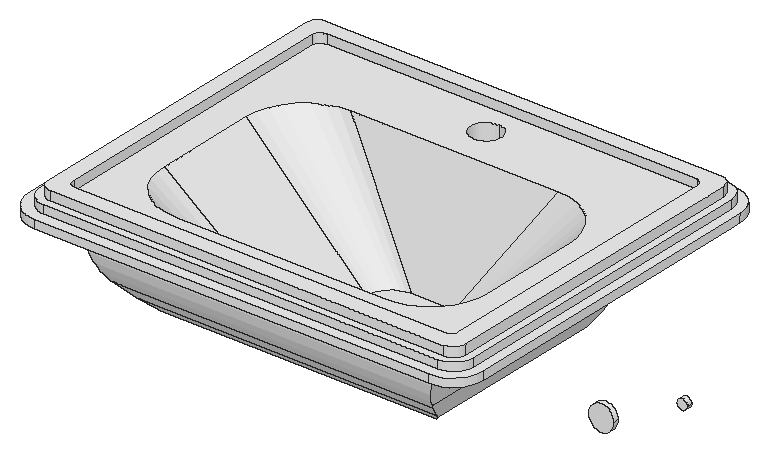
Revit family "Lavatory-Self-Rimming_ADA_LT531_TOTO", category Plumbing Fixtures, host Face, Revit 2013 (continued)
Definition of nested family "Lavatory-Self-Rimming_ADA_LT531_TotoUSA"
  Definition of nested family "2D-PlanDetails"
    Lines and regions (in)
      symbolic lines, style "PlumbingFixtures", detail levels fine
        curve 101: arc (-1.04719, 2.963, 0) -> (-1.93529, 2.59514, 0) -> (-2.30315, 1.70705, 0) r 1.25596
        curve 102: arc (-5.13337, 4.33536, 0) -> (-7.16926, 3.49206, 0) -> (-8.01256, 1.45617, 0) r 2.87919
        curve 103: arc (0, 7.0625, 0) -> (-0.75, 6.3125, 0) -> (0, 5.5625, 0) r 0.75
        curve 104: arc (0, 5.5625, 0) -> (0.75, 6.3125, 0) -> (0, 7.0625, 0) r 0.75
        curve 105: arc (-9.74427, 9.04379, 0) -> (-10.44025, 8.75551, 0) -> (-10.72854, 8.05952, 0) r 0.98427
        curve 106: arc (-10.72854, -7.88565, 0) -> (-10.44025, -8.58163, 0) -> (-9.74427, -8.86992, 0) r 0.98427
        curve 107: arc (9.74427, -8.86992, 0) -> (10.44025, -8.58163, 0) -> (10.72854, -7.88565, 0) r 0.98427
        curve 108: arc (10.72854, 8.05952, 0) -> (10.44025, 8.75551, 0) -> (9.74427, 9.04379, 0) r 0.98427
        curve 109: arc (-9.15371, 7.86267, 0) -> (-9.4321, 7.74735, 0) -> (-9.54742, 7.46896, 0) r 0.39371
        curve 110: arc (9.54742, 7.46896, 0) -> (9.4321, 7.74735, 0) -> (9.15371, 7.86267, 0) r 0.39371
        curve 111: arc (9.15371, -7.68879, 0) -> (9.4321, -7.57348, 0) -> (9.54742, -7.29508, 0) r 0.39371
        curve 112: arc (-9.54742, -7.29508, 0) -> (-9.4321, -7.57348, 0) -> (-9.15371, -7.68879, 0) r 0.39371
        curve 113: arc (-9.74427, 8.65008, 0) -> (-10.16186, 8.47711, 0) -> (-10.33483, 8.05952, 0) r 0.59056
        curve 114: arc (-10.33483, -7.88565, 0) -> (-10.16186, -8.30324, 0) -> (-9.74427, -8.47621, 0) r 0.59056
        curve 115: arc (9.74427, -8.47621, 0) -> (10.16186, -8.30324, 0) -> (10.33483, -7.88565, 0) r 0.59056
        curve 116: arc (10.33483, 8.05952, 0) -> (10.16186, 8.47711, 0) -> (9.74427, 8.65008, 0) r 0.59056
        curve 117: arc (-11.25, -7.9375, 0) -> (-10.81066, -8.99816, 0) -> (-9.75, -9.4375, 0) r 1.5
        curve 118: arc (9.75, -9.4375, 0) -> (10.81066, -8.99816, 0) -> (11.25, -7.9375, 0) r 1.5
        curve 119: arc (11.25, 7.9375, 0) -> (10.81066, 8.99816, 0) -> (9.75, 9.4375, 0) r 1.5
        curve 120: arc (-9.75, 9.4375, 0) -> (-10.81066, 8.99816, 0) -> (-11.25, 7.9375, 0) r 1.5
        curve 121: arc (-9.74427, 9.04379, 0) -> (-10.44025, 8.75551, 0) -> (-10.72854, 8.05952, 0) r 0.98427
        curve 122: arc (-10.72854, -7.88565, 0) -> (-10.44025, -8.58163, 0) -> (-9.74427, -8.86992, 0) r 0.98427
        curve 123: arc (9.74427, -8.86992, 0) -> (10.44025, -8.58163, 0) -> (10.72854, -7.88565, 0) r 0.98427
        curve 124: arc (10.72854, 8.05952, 0) -> (10.44025, 8.75551, 0) -> (9.74427, 9.04379, 0) r 0.98427
        curve 125: line (9.75, -9.4375, 0) -> (-9.75, -9.4375, 0)
        curve 126: line (-9.75, -9.4375, 0) -> (9.75, -9.4375, 0)
        curve 127: line (11.25, 7.9375, 0) -> (11.25, -7.9375, 0)
        curve 128: line (11.25, -7.9375, 0) -> (11.25, 7.9375, 0)
        curve 129: line (-9.75, 9.4375, 0) -> (9.75, 9.4375, 0)
        curve 130: line (9.75, 9.4375, 0) -> (-9.75, 9.4375, 0)
        curve 131: line (-11.25, -7.9375, 0) -> (-11.25, 7.9375, 0)
        curve 132: line (-11.25, 7.9375, 0) -> (-11.25, -7.9375, 0)
        curve 133: line (1.04719, 2.963, 0) -> (-1.04719, 2.963, 0)
        curve 134: line (5.13337, 4.33536, 0) -> (-5.13337, 4.33536, 0)
        curve 135: line (2.30315, -2.32061, 0) -> (2.30315, 1.70705, 0)
        curve 136: line (8.01256, -3.59281, 0) -> (8.01256, 1.45617, 0)
        curve 137: line (-1.04719, -3.57657, 0) -> (1.04719, -3.57657, 0)
        curve 138: line (-5.13337, -6.472, 0) -> (5.13337, -6.472, 0)
        curve 139: line (-0.3125, -5.87677, 0) -> (-0.30342, -5.84096, 0)
        curve 140: line (-0.30342, -5.84096, 0) -> (-0.27671, -5.80722, 0)
        curve 141: line (-0.27671, -5.80722, 0) -> (-0.23391, -5.77753, 0)
        curve 142: line (-0.23391, -5.77753, 0) -> (-0.17752, -5.75361, 0)
        curve 143: line (-0.17752, -5.75361, 0) -> (-0.11081, -5.73684, 0)
        curve 144: line (-0.11081, -5.73684, 0) -> (-0.03767, -5.72821, 0)
        curve 145: line (-0.03767, -5.72821, 0) -> (0.03767, -5.72821, 0)
        curve 146: line (0.03767, -5.72821, 0) -> (0.11081, -5.73684, 0)
        curve 147: line (0.11081, -5.73684, 0) -> (0.17752, -5.75361, 0)
        curve 148: line (0.17752, -5.75361, 0) -> (0.23391, -5.77753, 0)
        curve 149: line (0.23391, -5.77753, 0) -> (0.27671, -5.80722, 0)
        curve 150: line (0.27671, -5.80722, 0) -> (0.30342, -5.84096, 0)
        curve 151: line (0.30342, -5.84096, 0) -> (0.3125, -5.87677, 0)
        curve 152: line (0.3125, -5.87677, 0) -> (0.30342, -5.91259, 0)
        curve 153: line (0.30342, -5.91259, 0) -> (0.27671, -5.94632, 0)
        curve 154: line (0.27671, -5.94632, 0) -> (0.23391, -5.97601, 0)
        curve 155: line (0.23391, -5.97601, 0) -> (0.17752, -5.99994, 0)
        curve 156: line (0.17752, -5.99994, 0) -> (0.11081, -6.0167, 0)
        curve 157: line (0.11081, -6.0167, 0) -> (0.03767, -6.02534, 0)
        curve 158: line (0.03767, -6.02534, 0) -> (-0.03767, -6.02534, 0)
        curve 159: line (-0.03767, -6.02534, 0) -> (-0.11081, -6.0167, 0)
        curve 160: line (-0.11081, -6.0167, 0) -> (-0.17752, -5.99994, 0)
        curve 161: line (-0.17752, -5.99994, 0) -> (-0.23391, -5.97601, 0)
        curve 162: line (-0.23391, -5.97601, 0) -> (-0.27671, -5.94632, 0)
        curve 163: line (-0.27671, -5.94632, 0) -> (-0.30342, -5.91259, 0)
        curve 164: line (-0.30342, -5.91259, 0) -> (-0.3125, -5.87677, 0)
        curve 165: line (0.78986, -5.87677, 0) -> (0.79894, -5.84096, 0)
        curve 166: line (0.79894, -5.84096, 0) -> (0.82566, -5.80722, 0)
        curve 167: line (0.82566, -5.80722, 0) -> (0.86845, -5.77753, 0)
        curve 168: line (0.86845, -5.77753, 0) -> (0.92484, -5.75361, 0)
        curve 169: line (0.92484, -5.75361, 0) -> (0.99155, -5.73684, 0)
        curve 170: line (0.99155, -5.73684, 0) -> (1.06469, -5.72821, 0)
        curve 171: line (1.06469, -5.72821, 0) -> (1.14003, -5.72821, 0)
        curve 172: line (1.14003, -5.72821, 0) -> (1.21318, -5.73684, 0)
        curve 173: line (1.21318, -5.73684, 0) -> (1.27988, -5.75361, 0)
        curve 174: line (1.27988, -5.75361, 0) -> (1.33627, -5.77753, 0)
        curve 175: line (1.33627, -5.77753, 0) -> (1.37907, -5.80722, 0)
        curve 176: line (1.37907, -5.80722, 0) -> (1.40578, -5.84096, 0)
        curve 177: line (1.40578, -5.84096, 0) -> (1.41486, -5.87677, 0)
        curve 178: line (1.41486, -5.87677, 0) -> (1.40578, -5.91259, 0)
        curve 179: line (1.40578, -5.91259, 0) -> (1.37907, -5.94632, 0)
        curve 180: line (1.37907, -5.94632, 0) -> (1.33627, -5.97601, 0)
        curve 181: line (1.33627, -5.97601, 0) -> (1.27988, -5.99994, 0)
        curve 182: line (1.27988, -5.99994, 0) -> (1.21318, -6.0167, 0)
        curve 183: line (1.21318, -6.0167, 0) -> (1.14003, -6.02534, 0)
        curve 184: line (1.14003, -6.02534, 0) -> (1.06469, -6.02534, 0)
        curve 185: line (1.06469, -6.02534, 0) -> (0.99155, -6.0167, 0)
        curve 186: line (0.99155, -6.0167, 0) -> (0.92484, -5.99994, 0)
        curve 187: line (0.92484, -5.99994, 0) -> (0.86845, -5.97601, 0)
        curve 188: line (0.86845, -5.97601, 0) -> (0.82566, -5.94632, 0)
        curve 189: line (0.82566, -5.94632, 0) -> (0.79894, -5.91259, 0)
        curve 190: line (0.79894, -5.91259, 0) -> (0.78986, -5.87677, 0)
        curve 191: line (-1.41486, -5.87677, 0) -> (-1.40578, -5.84096, 0)
        curve 192: line (-1.40578, -5.84096, 0) -> (-1.37907, -5.80722, 0)
        curve 193: line (-1.37907, -5.80722, 0) -> (-1.33627, -5.77753, 0)
        curve 194: line (-1.33627, -5.77753, 0) -> (-1.27988, -5.75361, 0)
        curve 195: line (-1.27988, -5.75361, 0) -> (-1.21318, -5.73684, 0)
        curve 196: line (-1.21318, -5.73684, 0) -> (-1.14003, -5.72821, 0)
        curve 197: line (-1.14003, -5.72821, 0) -> (-1.06469, -5.72821, 0)
        curve 198: line (-1.06469, -5.72821, 0) -> (-0.99155, -5.73684, 0)
        curve 199: line (-0.99155, -5.73684, 0) -> (-0.92484, -5.75361, 0)
        curve 200: line (-0.92484, -5.75361, 0) -> (-0.86845, -5.77753, 0)
        curve 201: line (-0.86845, -5.77753, 0) -> (-0.82566, -5.80722, 0)
        curve 202: line (-0.82566, -5.80722, 0) -> (-0.79894, -5.84096, 0)
        curve 203: line (-0.79894, -5.84096, 0) -> (-0.78986, -5.87677, 0)
        curve 204: line (-0.78986, -5.87677, 0) -> (-0.79894, -5.91259, 0)
        curve 205: line (-0.79894, -5.91259, 0) -> (-0.82566, -5.94632, 0)
        curve 206: line (-0.82566, -5.94632, 0) -> (-0.86845, -5.97601, 0)
        curve 207: line (-0.86845, -5.97601, 0) -> (-0.92484, -5.99994, 0)
        curve 208: line (-0.92484, -5.99994, 0) -> (-0.99155, -6.0167, 0)
        curve 209: line (-0.99155, -6.0167, 0) -> (-1.06469, -6.02534, 0)
        curve 210: line (-1.06469, -6.02534, 0) -> (-1.14003, -6.02534, 0)
        curve 211: line (-1.14003, -6.02534, 0) -> (-1.21318, -6.0167, 0)
        curve 212: line (-1.21318, -6.0167, 0) -> (-1.27988, -5.99994, 0)
        curve 213: line (-1.27988, -5.99994, 0) -> (-1.33627, -5.97601, 0)
        curve 214: line (-1.33627, -5.97601, 0) -> (-1.37907, -5.94632, 0)
        curve 215: line (-1.37907, -5.94632, 0) -> (-1.40578, -5.91259, 0)
        curve 216: line (-1.40578, -5.91259, 0) -> (-1.41486, -5.87677, 0)
        curve 217: line (-2.30315, 1.70705, 0) -> (-2.30315, -2.32061, 0)
        curve 218: line (-8.01256, 1.45617, 0) -> (-8.01256, -3.59281, 0)
        curve 219: line (-10.72854, -7.88565, 0) -> (-10.72854, 8.05952, 0)
        curve 220: line (-10.72854, 8.05952, 0) -> (-10.72854, -7.88565, 0)
        curve 221: line (9.74427, -8.86992, 0) -> (-9.74427, -8.86992, 0)
        curve 222: line (-9.74427, -8.86992, 0) -> (9.74427, -8.86992, 0)
        curve 223: line (10.72854, 8.05952, 0) -> (10.72854, -7.88565, 0)
        curve 224: line (10.72854, -7.88565, 0) -> (10.72854, 8.05952, 0)
        curve 225: line (-9.74427, 9.04379, 0) -> (9.74427, 9.04379, 0)
        curve 226: line (9.74427, 9.04379, 0) -> (-9.74427, 9.04379, 0)
        curve 227: line (-9.54742, 7.46896, 0) -> (-9.54742, -7.29508, 0)
        curve 228: line (9.15371, 7.86267, 0) -> (-9.15371, 7.86267, 0)
        curve 229: line (9.54742, -7.29508, 0) -> (9.54742, 7.46896, 0)
        curve 230: line (-9.15371, -7.68879, 0) -> (9.15371, -7.68879, 0)
        curve 231: line (-10.33483, 8.05952, 0) -> (-10.33483, -7.88565, 0)
        curve 232: line (-9.74427, -8.47621, 0) -> (9.74427, -8.47621, 0)
        curve 233: line (10.33483, -7.88565, 0) -> (10.33483, 8.05952, 0)
        curve 234: line (9.74427, 8.65008, 0) -> (-9.74427, 8.65008, 0)
      symbolic lines
        curve 235: arc (-0.625, 0, -7.75) -> (0, 0, -8.375) -> (0.625, 0, -7.75) r 0.625
        curve 236: arc (0.625, 0, -7.75) -> (0, 0, -7.125) -> (-0.625, 0, -7.75) r 0.625
        curve 237: arc (3.75, 0, -5.75) -> (4, 0, -6) -> (4.25, 0, -5.75) r 0.25
        curve 238: arc (4.25, 0, -5.75) -> (4, 0, -5.5) -> (3.75, 0, -5.75) r 0.25
        curve 239: arc (-4.25, 0, -5.75) -> (-4, 0, -6) -> (-3.75, 0, -5.75) r 0.25
        curve 240: arc (-3.75, 0, -5.75) -> (-4, 0, -5.5) -> (-4.25, 0, -5.75) r 0.25
        curve 312: line (0, 13.6875, -5.5) -> (0, 13.4375, -5.5)
        curve 313: line (0, 13.6875, -6) -> (0, 13.6875, -5.5)
        curve 314: line (0, 13.4375, -6) -> (0, 13.6875, -6)
        curve 315: line (0, 13.4375, -5.5) -> (0, 13.4375, -6)
        curve 316: line (0, 13.4375, -7.125) -> (0, 13.6875, -7.125)
        curve 317: line (0, 13.4375, -8.375) -> (0, 13.4375, -7.125)
        curve 318: line (0, 13.6875, -8.375) -> (0, 13.4375, -8.375)
        curve 319: line (0, 13.6875, -7.125) -> (0, 13.6875, -8.375)
      symbolic lines, detail levels coarse
        curve 241: line (8.79938, 0, 0) -> (-8.80363, 0, 0)
        curve 242: line (-8.80363, 0, 0) -> (-8.80363, 0, 7.25)
        curve 243: line (8.79938, 0, 7.25) -> (8.79938, 0, 0)
        curve 244: line (11.25, 0, 7.25) -> (-11.25, 0, 7.25)
        curve 245: line (-11.25, 0, 7.25) -> (-11.25, 0, 8.5)
        curve 246: line (-11.25, 0, 8.5) -> (11.25, 0, 8.5)
        curve 247: line (11.25, 0, 8.5) -> (11.25, 0, 7.25)
        curve 305: line (0, 9.4375, 8.5) -> (0, -9.4375, 8.5)
        curve 306: line (0, 9.4375, 7.25) -> (0, 9.4375, 8.5)
        curve 307: line (0, -9.4375, 7.25) -> (0, 9.4375, 7.25)
        curve 308: line (0, -9.4375, 8.5) -> (0, -9.4375, 7.25)
        curve 309: line (0, -7.78764, 7.25) -> (0, -7.78764, 0)
        curve 310: line (0, -7.78764, 0) -> (0, 4.52399, 0)
        curve 311: line (0, 4.52399, 0) -> (0, 4.52399, 7.25)
      symbolic lines, style "PlumbingFixtures", detail levels medium+fine
        curve 248: line (-6.88562, 0, 2.88384) -> (-6.95846, 0, 2.96)
        curve 249: line (-7.67491, 0, 3.91166) -> (-7.70522, 0, 3.96318)
        curve 250: line (-6.09517, 0, 2.21276) -> (-6.19001, 0, 2.28053)
        curve 251: line (-5.6558, 0, 1.93575) -> (-5.70418, 0, 1.9635)
        curve 252: line (-7.35984, 0, 3.43962) -> (-5.6558, 0, 1.93575)
        curve 253: line (-8.0098, 0, 4.57106) -> (-7.93957, 0, 4.41313)
        curve 254: line (7.69995, 0, 3.97792) -> (7.65502, 0, 3.90112)
        curve 255: line (6.93546, 0, 2.95938) -> (6.86234, 0, 2.88384)
        curve 256: line (7.9285, 0, 4.41313) -> (8.01021, 0, 4.5957)
        curve 257: line (5.61504, 0, 1.93672) -> (7.34203, 0, 3.43962)
        curve 258: line (5.66296, 0, 1.96332) -> (5.61504, 0, 1.93672)
        curve 259: line (6.15716, 0, 2.28033) -> (6.06118, 0, 2.21421)
        curve 260: line (8.62071, 0, 6.4132) -> (8.60301, 0, 6.34345)
        curve 261: line (8.01021, 0, 4.5957) -> (8.62071, 0, 6.4132)
        curve 262: line (-8.60692, 0, 6.33491) -> (-8.62492, 0, 6.40806)
        curve 263: line (-8.62492, 0, 6.40806) -> (-8.0098, 0, 4.57106)
        curve 264: line (1.30506, 0, 0.00007) -> (1.85348, 0, 0.56443)
        curve 265: line (10.33483, 0, 8.05) -> (10.33483, 0, 8.5)
        curve 266: line (10.33483, 0, 8.5) -> (-10.33483, 0, 8.5)
        curve 267: line (-10.33483, 0, 8.5) -> (-10.33483, 0, 8.05)
        curve 268: line (-5.65584, 0, 1.93579) -> (-5.47826, 0, 1.83945)
        curve 269: line (-5.47826, 0, 1.83945) -> (-5.29727, 0, 1.74967)
        curve 270: line (-5.29727, 0, 1.74967) -> (-4.19669, 0, 1.29305)
        curve 271: line (-4.19669, 0, 1.29305) -> (-3.05684, 0, 0.94592)
        curve 272: line (-3.05684, 0, 0.94592) -> (-1.88856, 0, 0.71159)
        curve 273: line (-1.88856, 0, 0.71159) -> (-1.74138, 0, 0.56443)
        curve 274: line (-7.93957, 0, 4.41313) -> (-7.67491, 0, 3.91166)
        curve 275: line (-7.67479, 0, 3.91144) -> (-7.35984, 0, 3.43962)
        curve 276: line (1.30506, 0, 0.00007) -> (-1.17694, 0, 0.00007)
        curve 277: line (-1.17694, 0, 0.00007) -> (-1.38565, 0, 0.20876)
        curve 278: line (-1.38565, 0, 0.20876) -> (-1.57563, 0, 0.39871)
        curve 279: line (-1.57563, 0, 0.39871) -> (-1.74138, 0, 0.56443)
        curve 280: line (-1.74138, 0, 0.56443) -> (1.85348, 0, 0.56443)
        curve 281: line (1.85348, 0, 0.56443) -> (1.95864, 0, 0.66354)
        curve 282: line (1.95864, 0, 0.66354) -> (2.06515, 0, 0.7612)
        curve 283: line (2.06515, 0, 0.7612) -> (3.17231, 0, 0.99791)
        curve 284: line (3.17231, 0, 0.99791) -> (4.25278, 0, 1.33617)
        curve 285: line (4.25278, 0, 1.33617) -> (5.29726, 0, 1.77308)
        curve 286: line (5.29726, 0, 1.77308) -> (5.45693, 0, 1.85188)
        curve 287: line (5.45693, 0, 1.85188) -> (5.61396, 0, 1.93579)
        curve 288: line (7.34203, 0, 3.43962) -> (7.66041, 0, 3.91123)
        curve 289: line (7.65502, 0, 3.90112) -> (7.9285, 0, 4.41313)
        curve 290: line (-8.80359, 0, 7.25) -> (-8.72244, 0, 6.83004)
        curve 291: line (-8.72244, 0, 6.83004) -> (-8.62663, 0, 6.41317)
        curve 292: line (-8.62663, 0, 6.41317) -> (8.6207, 0, 6.41317)
        curve 293: line (8.6207, 0, 6.41317) -> (8.71738, 0, 6.83002)
        curve 294: line (8.71738, 0, 6.83002) -> (8.79939, 0, 7.25)
        curve 295: line (-11.25, 0, 7.25) -> (11.25, 0, 7.25)
        curve 296: line (11.25, 0, 7.25) -> (11.25, 0, 7.65)
        curve 297: line (11.25, 0, 7.65) -> (-11.25, 0, 7.65)
        curve 298: line (-11.25, 0, 7.65) -> (-11.25, 0, 7.25)
        curve 299: line (10.72854, 0, 7.65) -> (10.72854, 0, 8.05)
        curve 300: line (10.72854, 0, 8.05) -> (-10.72854, 0, 8.05)
        curve 301: line (-10.72854, 0, 8.05) -> (-10.72854, 0, 7.65)
        curve 320: line (0, -5.95666, 3.43962) -> (0, -3.72782, 1.93579)
        curve 321: line (0, -7.02016, 4.5711) -> (0, -6.88007, 4.41313)
        curve 322: line (0, 3.85046, 2.88384) -> (0, 3.96493, 3.39812)
        curve 323: line (0, 3.96493, 3.39812) -> (0, 4.07966, 3.9632)
        curve 324: line (0, 4.07966, 3.9632) -> (0, 4.19034, 4.5711)
        curve 325: line (0, 3.27599, 2.05101) -> (0, 3.85046, 2.88384)
        curve 326: line (0, 3.18898, 1.9635) -> (0, 3.27599, 2.05101)
        curve 327: line (0, 3.1478, 1.87295) -> (0, 3.18898, 1.9635)
        curve 328: line (0, -7.7401, 6.41317) -> (0, -7.02016, 4.5711)
        curve 329: line (0, 4.19034, 4.5711) -> (0, 4.52397, 7.25)
        curve 330: line (0, 9.4375, 7.25) -> (0, 4.52397, 7.25)
        curve 331: line (0, 4.52397, 7.25) -> (0, -9.4375, 7.25)
        curve 332: line (0, -9.4375, 7.25) -> (0, -9.4375, 7.65)
        curve 333: line (0, -9.4375, 7.25) -> (0, -9.4375, 7.65)
        curve 334: line (0, -9.4375, 7.65) -> (0, 9.4375, 7.65)
        curve 335: line (0, 9.4375, 7.65) -> (0, 9.4375, 7.25)
        curve 336: line (0, 9.4375, 7.25) -> (0, 9.4375, 7.65)
        curve 337: line (0, 9.04379, 8.05) -> (0, 9.04379, 7.65)
        curve 338: line (0, 9.04379, 7.65) -> (0, 9.04379, 8.05)
        curve 339: line (0, 9.04379, 8.05) -> (0, -8.86992, 8.05)
        curve 340: line (0, -8.86992, 8.05) -> (0, -8.86992, 7.65)
        curve 341: line (0, -8.86992, 7.65) -> (0, -8.86992, 8.05)
        curve 342: line (0, -8.47621, 8.05) -> (0, -8.47621, 8.5)
        curve 343: line (0, -8.47621, 8.5) -> (0, 8.65008, 8.5)
        curve 344: line (0, 8.65008, 8.5) -> (0, 8.65008, 8.05)
        curve 345: line (0, -6.88007, 4.41313) -> (0, -6.4042, 3.91144)
        curve 346: line (0, -6.4042, 3.91144) -> (0, -5.95666, 3.43962)
        curve 347: line (0, -0.6244, 0.71162) -> (0, 2.8286, 0.71162)
        curve 348: line (0, 2.8286, 0.71162) -> (0, 2.93689, 1.10559)
        curve 349: line (0, 2.93689, 1.10559) -> (0, 3.11393, 1.7497)
        curve 350: line (0, 3.11393, 1.7497) -> (0, 3.13045, 1.80981)
        curve 351: line (0, 3.13045, 1.80981) -> (0, 3.1478, 1.87295)
        curve 352: line (0, -3.72782, 1.93579) -> (0, -3.48362, 1.83946)
        curve 353: line (0, -3.48362, 1.83946) -> (0, -3.25607, 1.7497)
        curve 354: line (0, -3.25607, 1.7497) -> (0, -2.09847, 1.29308)
        curve 355: line (0, -2.09847, 1.29308) -> (0, -1.21845, 0.94595)
        curve 356: line (0, -1.21845, 0.94595) -> (0, -0.6244, 0.71162)
        curve 357: line (0, -0.6244, 0.71162) -> (0, -0.25125, 0.56443)
        curve 358: line (0, -0.25125, 0.56443) -> (0, -0.0942, 0.39869)
        curve 359: line (0, -0.0942, 0.39869) -> (0, 0.03245, 0.20871)
        curve 360: line (0, 0.03245, 0.20871) -> (0, 0.12504, 0)
        curve 361: line (0, 0.12504, 0) -> (0, 2.63301, 0)
        curve 362: line (0, 2.63301, 0) -> (0, 2.8286, 0.71162)
        curve 363: line (0, -7.78668, 7.23315) -> (0, -7.76378, 6.83004)
        curve 364: line (0, -7.76378, 6.83004) -> (0, -7.7401, 6.41317)
      symbolic lines, detail levels fine
        curve 302: circle (-1.10236, 0, 6.80709) r 0.31022 normal (0, -1, 0)
        curve 303: circle (0, 0, 6.80709) r 0.31022 normal (0, -1, 0)
        curve 304: circle (1.10236, 0, 6.80709) r 0.31022 normal (0, -1, 0)
    Dimensions and locks (in)
      equal spacing: plane 5, plane 1 "Center (Front/Back)", plane 6
      "Depth": plane 6 to plane 5
      equal spacing: plane 4, plane 3 "Center (Left/Right)", plane 7
      "Width": plane 4 to plane 7
      "Height": plane 8 to level
      aligned and locked: level to plane 2
    Automatic sketch dimensions
      plane 4 to curve 8 = 1.70258"
      curve 5 to curve 33 = 0.39371"
      curve 8 to curve 35 = 0.39371"
      plane 4 to curve 11 = 3.23744"
      curve 39 to curve 1 = 0.75545"
      curve 25 to curve 40 = 2.12373"
      curve 38 to plane 6 = 2.9655"
      curve 25 to curve 38 = 2.12373"
      curve 40 to curve 24 = 0.54067"
      curve 38 to curve 2 = 0.54067"
      curve 14 to plane 3 "Center (Left/Right)" = 4 1/4"
      curve 14 to curve 13 = 1/2"
      curve 20 to plane 3 "Center (Left/Right)" = 5/8"
      plane 3 "Center (Left/Right)" to curve 21 = 5/8"
      curve 20 to curve 16 = 3 1/8"
      curve 18 to curve 18 = 1/2"
      plane 3 "Center (Left/Right)" to curve 3 = 4.5927"
      plane 3 "Center (Left/Right)" to curve 4 = 4.5927"
      curve 3 to curve 10 = 0.54067"
      curve 24 to curve 9 = 0.54067"
      curve 10 to curve 3 = 2.12373"
      curve 27 to curve 10 = 0.75545"
      plane 7 to curve 33 = 2.09629"
      plane 7 to curve 35 = 2.09629"
      curve 6 to curve 6 = 0.39371"
      curve 8 to plane 6 = 1.74871"
      curve 38 to curve 26 = 0.38312"
      curve 9 to plane 1 "Center (Front/Back)" = 1.45617"
      curve 39 to curve 1 = 0.0332"
      curve 34 to plane 5 = 1.96854"
      plane 5 to curve 16 = 4"
      curve 20 to curve 16 = 0"
      curve 13 to curve 20 = 0"
      curve 16 to curve 18 = 1/4"
      curve 12 to curve 14 = 1/4"
      curve 20 to curve 23 = 1/4"
      plane 6 to curve 28 = 0"
      curve 28 to plane 5 = 0"
      curve 31 to plane 4 = 0"
      curve 31 to plane 7 = 0"
      curve 49 to curve 61 = 0"
      curve 50 to curve 62 = 0"  (x2)
      curve 83 to plane 5 = 0"
      plane 4 to curve 85 = 0.52146"
      curve 61 to curve 49 = 0.39371"
      curve 28 to curve 81 = 1 1/2"
      curve 49 to curve 83 = 0.58483"
      curve 83 to curve 88 = 0.00573"
      curve 57 to curve 50 = 0.00573"
      curve 1 to curve 47 = 2.28955"
      curve 45 to plane 3 "Center (Left/Right)" = 1.04719"
      curve 47 to plane 3 "Center (Left/Right)" = 1.04719"
      plane 3 "Center (Left/Right)" to curve 43 = 1.04719"
      plane 3 "Center (Left/Right)" to curve 65 = 1.04719"
      curve 41 to curve 41 = 1.25596"
      curve 64 to plane 5 = 0.39371"
      curve 33 to curve 64 = 0.59056"
      curve 7 to curve 51 = 0.59056"
      curve 88 to curve 83 = 0.00573"
      curve 63 to curve 58 = 0.00573"
      curve 58 to curve 75 = 0.58483"
      curve 63 to plane 6 = 0.56758"
      curve 69 to curve 2 = 0.15209"
      curve 47 to plane 1 "Center (Front/Back)" = 1 181/256"
      curve 59 to plane 7 = 0"
      curve 51 to curve 63 = 0"  (x2)
      plane 6 to curve 81 = 0"
      curve 84 to plane 4 = 0"
      curve 216 to plane 3 "Center (Left/Right)" = 1.41486"
      curve 191 to curve 215 = 0.00908"
      curve 191 to curve 192 = 0.00908"
      curve 215 to curve 214 = 0.02671"
      curve 191 to curve 193 = 0.02671"
      curve 192 to curve 193 = 0.0428"
      curve 214 to curve 214 = 0.0428"
      curve 213 to curve 212 = 0.05639"
      curve 193 to curve 195 = 0.05639"
      curve 212 to curve 212 = 0.06671"
      curve 194 to curve 195 = 0.06671"
      curve 211 to curve 210 = 0.07315"
      curve 195 to curve 196 = 0.07315"
      curve 196 to curve 197 = 0.07534"
      curve 210 to curve 210 = 0.07534"
      curve 197 to curve 198 = 0.07315"
      curve 209 to curve 209 = 0.07315"
      curve 198 to curve 199 = 0.06671"
      curve 208 to curve 207 = 0.06671"
      curve 207 to curve 206 = 0.05639"
      curve 199 to curve 200 = 0.05639"
      curve 206 to curve 205 = 0.0428"
      curve 200 to curve 202 = 0.0428"
      curve 201 to curve 202 = 0.02671"
      curve 205 to curve 205 = 0.02671"
      curve 202 to curve 204 = 0.00908"
      curve 47 to curve 94 = 0.29719"
      curve 164 to plane 3 "Center (Left/Right)" = 5/16"
      curve 139 to curve 164 = 0.00908"
      curve 139 to curve 140 = 0.00908"
      curve 139 to curve 141 = 0.02671"
      curve 163 to curve 162 = 0.02671"
      curve 140 to curve 141 = 0.0428"
      curve 162 to curve 161 = 0.0428"
      curve 141 to curve 142 = 0.05639"
      curve 161 to curve 161 = 0.05639"
      curve 160 to curve 160 = 0.06671"
      curve 142 to curve 143 = 0.06671"
      curve 158 to plane 3 "Center (Left/Right)" = 0.03767"
      curve 145 to plane 3 "Center (Left/Right)" = 0.03767"
      plane 3 "Center (Left/Right)" to curve 145 = 0.03767"
      plane 3 "Center (Left/Right)" to curve 158 = 0.03767"
      curve 145 to curve 146 = 0.07315"
      curve 157 to curve 156 = 0.07315"
      curve 146 to curve 147 = 0.06671"
      curve 156 to curve 155 = 0.06671"
      curve 147 to curve 148 = 0.05639"
      curve 155 to curve 154 = 0.05639"
      curve 154 to curve 154 = 0.0428"
      curve 148 to curve 150 = 0.0428"
      curve 153 to curve 153 = 0.02671"
      curve 149 to curve 150 = 0.02671"
      curve 152 to curve 152 = 0.00908"
      curve 151 to curve 165 = 0.47736"
      curve 165 to curve 189 = 0.00908"
      curve 165 to curve 165 = 0.00908"
      curve 189 to curve 188 = 0.02671"
      curve 165 to curve 166 = 0.02671"
      curve 166 to curve 167 = 0.0428"
      curve 188 to curve 188 = 0.0428"
      curve 187 to curve 186 = 0.05639"
      curve 167 to curve 169 = 0.05639"
      curve 186 to curve 186 = 0.06671"
      curve 168 to curve 170 = 0.06671"
      curve 169 to curve 170 = 0.07315"
      curve 185 to curve 185 = 0.07315"
      curve 170 to curve 172 = 0.07534"
      curve 184 to curve 183 = 0.07534"
      curve 183 to curve 183 = 0.07315"
      curve 171 to curve 173 = 0.07315"
      curve 182 to curve 182 = 0.06671"
      curve 172 to curve 174 = 0.06671"
      curve 173 to curve 175 = 0.05639"
      curve 181 to curve 180 = 0.05639"
      curve 180 to curve 180 = 0.0428"
      curve 174 to curve 175 = 0.0428"
      curve 175 to curve 176 = 0.02671"
      curve 179 to curve 178 = 0.02671"
      curve 176 to curve 177 = 0.00908"
      curve 209 to curve 69 = 2.44877"
      curve 209 to curve 183 = 0"
      curve 157 to curve 184 = 0"
      curve 209 to curve 209 = 0.00863"
      curve 184 to curve 185 = 0.00863"
      curve 183 to curve 183 = 0.00863"
      curve 158 to curve 160 = 0.00863"
      curve 210 to curve 212 = 0.00863"
      curve 157 to curve 157 = 0.00863"
      curve 156 to curve 156 = 0.01677"
      curve 208 to curve 208 = 0.01677"
      curve 211 to curve 212 = 0.01677"
      curve 182 to curve 181 = 0.01677"
      curve 159 to curve 160 = 0.01677"
      curve 185 to curve 187 = 0.01677"
      curve 186 to curve 187 = 0.02392"
      curve 160 to curve 162 = 0.02392"
      curve 181 to curve 181 = 0.02392"
      curve 155 to curve 155 = 0.02392"
      curve 207 to curve 206 = 0.02392"
      curve 212 to curve 214 = 0.02392"
      curve 154 to curve 154 = 0.02969"
      curve 180 to curve 179 = 0.02969"
      curve 213 to curve 215 = 0.02969"
      curve 187 to curve 189 = 0.02969"
      curve 161 to curve 163 = 0.02969"
      curve 206 to curve 206 = 0.02969"
      curve 179 to curve 178 = 0.03373"
      curve 153 to curve 152 = 0.03373"
      curve 188 to curve 190 = 0.03373"
      curve 162 to curve 164 = 0.03373"
      curve 205 to curve 204 = 0.03373"
      curve 214 to curve 215 = 0.03373"
      curve 215 to curve 216 = 0.03581"
      curve 163 to curve 139 = 0.03581"
      curve 178 to curve 178 = 0.03581"
      curve 152 to curve 152 = 0.03581"
      curve 189 to curve 165 = 0.03581"
      curve 204 to curve 204 = 0.03581"
      curve 203 to curve 203 = 0.03581"
      curve 177 to curve 176 = 0.03581"
      curve 191 to curve 191 = 0.03581"
      curve 165 to curve 165 = 0.03581"
      curve 139 to curve 139 = 0.03581"
      curve 151 to curve 150 = 0.03581"
      curve 202 to curve 201 = 0.03373"
      curve 139 to curve 140 = 0.03373"
      curve 165 to curve 166 = 0.03373"
      curve 191 to curve 192 = 0.03373"
      curve 150 to curve 150 = 0.03373"
      curve 176 to curve 175 = 0.03373"
      curve 175 to curve 174 = 0.02969"
      curve 201 to curve 201 = 0.02969"
      curve 149 to curve 149 = 0.02969"
      curve 140 to curve 142 = 0.02969"
      curve 192 to curve 194 = 0.02969"
      curve 166 to curve 167 = 0.02969"
      curve 141 to curve 142 = 0.02392"
      curve 148 to curve 147 = 0.02392"
      curve 200 to curve 199 = 0.02392"
      curve 193 to curve 195 = 0.02392"
      curve 174 to curve 174 = 0.02392"
      curve 167 to curve 169 = 0.02392"
      curve 147 to curve 146 = 0.01677"
      curve 142 to curve 144 = 0.01677"
      curve 199 to curve 198 = 0.01677"
      curve 194 to curve 195 = 0.01677"
      curve 168 to curve 169 = 0.01677"
      curve 173 to curve 173 = 0.01677"
      curve 172 to curve 171 = 0.00863"
      curve 143 to curve 144 = 0.00863"
      curve 198 to curve 198 = 0.00863"
      curve 93 to curve 95 = 0.1437"
      curve 49 to curve 121 = 0"
      curve 52 to curve 124 = 0"
      curve 104 to plane 3 "Center (Left/Right)" = 0"
      curve 93 to plane 3 "Center (Left/Right)" = 0"
      curve 103 to curve 103 = 3/4"
      curve 103 to curve 104 = 0"
      curve 95 to curve 104 = 2.5995"
      curve 235 to curve 236 = 0"  (x2)
      curve 237 to curve 238 = 0"  (x2)
      curve 239 to curve 240 = 0"  (x2)
      curve 295 to plane 4 = 0"
      curve 267 to plane 8 = 0"
      curve 242 to level = 0"
      curve 235 to plane 3 "Center (Left/Right)" = 0"
      curve 303 to plane 3 "Center (Left/Right)" = 0"
      plane 7 to curve 296 = 0"
      curve 246 to plane 8 = 0"
      plane 4 to curve 301 = 0.52146"
      curve 300 to curve 267 = 0.39371"
      curve 267 to curve 242 = 1.5312"
      curve 242 to curve 290 = 0.00004"
      curve 290 to curve 290 = 0.08115"
      curve 290 to curve 292 = 0.09581"
      curve 291 to curve 263 = 0.00171"
      curve 262 to curve 262 = 0.018"
      curve 262 to curve 263 = 0.59711"
      curve 253 to curve 253 = 0.07023"
      curve 253 to curve 249 = 0.23435"
      curve 249 to curve 249 = 0.03031"
      curve 249 to curve 275 = 0.00012"
      curve 275 to curve 275 = 0.31494"
      curve 252 to curve 248 = 0.40139"
      curve 248 to curve 248 = 0.07284"
      level to curve 250 = 2.28053"
      curve 248 to curve 250 = 0.69561"
      level to curve 250 = 2.21276"
      curve 250 to curve 250 = 0.09484"
      level to curve 251 = 1.9635"
      curve 250 to curve 251 = 0.39099"
      level to curve 268 = 1.93579"
      curve 251 to curve 268 = 0.04834"
      level to curve 252 = 1.93575"
      curve 268 to curve 252 = 0.00004"
      level to curve 269 = 1.83945"
      curve 251 to curve 269 = 0.17754"
      level to curve 269 = 1.74967"
      curve 268 to curve 269 = 0.18099"
      curve 240 to plane 3 "Center (Left/Right)" = 4 1/4"
      level to curve 270 = 1.29305"
      curve 269 to curve 270 = 1.10058"
      curve 240 to curve 240 = 1/4"
      level to curve 271 = 0.94592"
      curve 270 to curve 271 = 1.13986"
      level to curve 272 = 0.71159"
      curve 271 to curve 272 = 1.16828"
      level to curve 273 = 0.56443"
      curve 272 to curve 273 = 0.14719"
      level to curve 278 = 0.39871"
      curve 273 to curve 278 = 0.16574"
      level to curve 278 = 0.20876"
      curve 278 to curve 278 = 0.18998"
      level to curve 276 = 0.00007"
      curve 277 to curve 276 = 0.20871"
      curve 302 to plane 3 "Center (Left/Right)" = 1.10236"
      curve 235 to curve 235 = 5/8"
      plane 3 "Center (Left/Right)" to curve 304 = 1.10236"
      plane 3 "Center (Left/Right)" to curve 264 = 1.30506"
      curve 264 to curve 281 = 0.54842"
      level to curve 282 = 0.66354"
      curve 264 to curve 282 = 0.10516"
      level to curve 283 = 0.7612"
      curve 281 to curve 283 = 0.10651"
      level to curve 284 = 0.99791"
      curve 282 to curve 284 = 1.10716"
      curve 235 to curve 237 = 3 1/8"
      curve 238 to curve 238 = 1/4"
      level to curve 285 = 1.33617"
      curve 283 to curve 285 = 1.08047"
      level to curve 285 = 1.77308"
      curve 284 to curve 285 = 1.04448"
      level to curve 287 = 1.85188"
      curve 285 to curve 287 = 0.15966"
      level to curve 287 = 1.93579"
      curve 286 to curve 287 = 0.15704"
      level to curve 257 = 1.93672"
      curve 287 to curve 257 = 0.00107"
      level to curve 258 = 1.96332"
      curve 257 to curve 258 = 0.04792"
      level to curve 259 = 2.21421"
      curve 258 to curve 259 = 0.39822"
      level to curve 259 = 2.28033"
      curve 259 to curve 259 = 0.09598"
      curve 259 to curve 255 = 0.70519"
      curve 255 to curve 255 = 0.07312"
      curve 255 to curve 288 = 0.40657"
      curve 257 to curve 254 = 0.31298"
      curve 254 to curve 288 = 0.0054"
      curve 288 to curve 254 = 0.03954"
      curve 254 to curve 256 = 0.22854"
      curve 256 to curve 256 = 0.08171"
      curve 256 to curve 260 = 0.59281"
      curve 260 to curve 293 = 0.01768"
      curve 292 to curve 261 = 0"
      curve 260 to curve 293 = 0.09667"
      plane 7 to curve 241 = 2.45062"
      curve 243 to curve 294 = 0"
      curve 265 to plane 8 = 0.45"
      plane 7 to curve 265 = 0.91517"
      curve 265 to curve 299 = 0.39371"
      curve 240 to level = 5 3/4"
      curve 238 to level = 5 3/4"
      curve 235 to curve 237 = 2"
      curve 250 to curve 248 = 0.60331"
      curve 259 to curve 255 = 0.60352"
      curve 255 to curve 255 = 0.07554"
      curve 248 to curve 248 = 0.07616"
      curve 255 to curve 288 = 0.48024"
      curve 248 to curve 275 = 0.47962"
      curve 257 to curve 289 = 0.46151"
      curve 254 to curve 288 = 0.0101"
      curve 252 to curve 275 = 0.47182"
      curve 275 to curve 274 = 0.00022"
      curve 249 to curve 249 = 0.05151"
      curve 288 to curve 254 = 0.06669"
      curve 249 to curve 253 = 0.44996"
      curve 254 to curve 256 = 0.43521"
      curve 253 to curve 253 = 0.15792"
      curve 256 to curve 256 = 0.18257"
      curve 253 to curve 262 = 1.76386"
      curve 256 to curve 260 = 1.74775"
      curve 262 to curve 263 = 0.07314"
      curve 260 to curve 293 = 0.06972"
      curve 292 to curve 261 = 0.00003"
      curve 303 to plane 8 = 1.69291"
      curve 302 to curve 303 = 0"
      curve 304 to curve 303 = 0"
      curve 260 to curve 294 = 0.41682"
      curve 291 to curve 290 = 0.41686"
      curve 247 to curve 265 = 0.8"
      curve 244 to curve 296 = 0.4"
      curve 301 to curve 297 = 0"
      curve 299 to curve 296 = 0"
      curve 301 to curve 301 = 0.4"
      curve 267 to curve 300 = 0"
      curve 310 to level = 0"
      curve 306 to plane 8 = 0"
      curve 307 to curve 309 = 1.64986"
      curve 311 to plane 1 "Center (Front/Back)" = 4.52399"
      plane 5 to curve 318 = 4"
      curve 312 to curve 316 = 0"
      curve 316 to curve 316 = 1/4"
      curve 312 to curve 313 = 1/4"
      curve 312 to level = 5 1/2"
      curve 315 to curve 312 = 1/2"
      curve 316 to curve 314 = 1 1/8"
      curve 319 to curve 316 = 1 1/4"
      curve 311 to plane 8 = 1 1/4"
      curve 340 to plane 6 = 0.56758"
      curve 339 to curve 342 = 0.39371"
      curve 309 to curve 363 = 0.00096"
      curve 363 to curve 364 = 0.0229"
      curve 363 to curve 364 = 0.02368"
      curve 328 to curve 321 = 0.71994"
      curve 321 to curve 321 = 0.14009"
      curve 345 to curve 345 = 0.47587"
      curve 345 to curve 320 = 0.44754"
      curve 346 to curve 320 = 2.22884"
      curve 352 to curve 352 = 0.24421"
      curve 352 to curve 353 = 0.22755"
      curve 353 to curve 354 = 1.1576"
      curve 354 to curve 356 = 0.88002"
      plane 1 "Center (Front/Back)" to curve 347 = 0.6244"
      plane 1 "Center (Front/Back)" to curve 357 = 0.25125"
      plane 1 "Center (Front/Back)" to curve 359 = 0.0942"
      curve 360 to plane 1 "Center (Front/Back)" = 0.03245"
      curve 361 to plane 1 "Center (Front/Back)" = 0.12504"
      curve 361 to curve 310 = 1.89099"
      curve 361 to curve 348 = 0.19559"
      level to curve 349 = 1.10559"
      curve 347 to curve 349 = 0.10829"
      curve 348 to curve 350 = 0.17704"
      curve 349 to curve 351 = 0.01652"
      curve 350 to curve 351 = 0.01736"
      curve 351 to curve 326 = 0.04118"
      curve 326 to curve 326 = 0.08701"
      curve 325 to curve 322 = 0.57447"
      curve 322 to curve 322 = 0.11447"
      curve 323 to curve 323 = 0.11474"
      curve 324 to curve 324 = 0.11068"
      curve 330 to curve 311 = 0.00002"
      curve 343 to curve 305 = 0.78742"
      curve 337 to curve 334 = 0.39371"
      level to curve 360 = 0.20871"
      curve 359 to curve 359 = 0.18998"
      curve 358 to curve 357 = 0.16574"
      curve 356 to curve 356 = 0.23433"
      curve 355 to curve 355 = 0.34713"
      curve 348 to curve 349 = 0.64411"
      curve 354 to curve 353 = 0.45662"
      curve 349 to curve 351 = 0.06011"
      curve 353 to curve 353 = 0.08976"
      curve 350 to curve 351 = 0.06314"
      curve 352 to curve 352 = 0.09633"
      curve 351 to curve 327 = 0.09055"
      curve 326 to curve 326 = 0.08751"
      curve 325 to curve 322 = 0.83283"
      curve 322 to curve 322 = 0.51428"
      curve 320 to curve 346 = 1.50383"
      curve 320 to curve 346 = 0.47182"
      curve 323 to curve 323 = 0.56509"
      curve 345 to curve 345 = 0.50169"
      curve 324 to curve 324 = 0.6079"
      curve 321 to curve 328 = 0.15797"
      curve 364 to curve 309 = 0.83683"
      curve 364 to curve 364 = 0.41686"
      curve 363 to curve 309 = 0.01685"
      curve 307 to curve 333 = 0.4"
      curve 337 to curve 339 = 0.4"
      curve 333 to plane 6 = 0"
      curve 334 to plane 5 = 0"
      curve 343 to plane 8 = 0"
      curve 361 to level = 0"
      curve 362 to curve 361 = 0"
      level to curve 362 = 0.71162"
      curve 360 to curve 361 = 0"
      curve 337 to curve 334 = 0"
      curve 338 to curve 337 = 0"
      curve 340 to curve 339 = 0.4"
      curve 341 to curve 340 = 0"
      curve 344 to curve 337 = 0"
      curve 339 to curve 342 = 0"
      radius of curve 302 = 0.31022"
      radius of curve 303 = 0.31022"
      radius of curve 304 = 0.31022"
Types (2): name | ecoScorecard_data | ecoScorecard Product Page
  (no name) | "http://toto.ecoscorecard.com/product/LT531" | "http://toto.ecoscorecard.com/product/LT531"
  LT531 | " " | "  "
